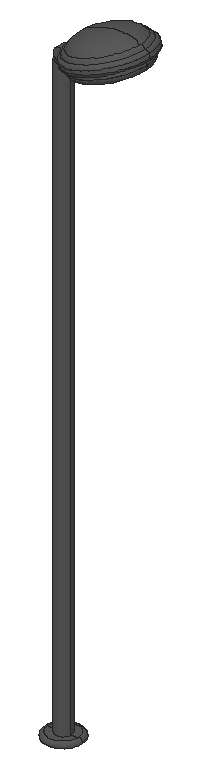
Revit family "svetilnik_alfresco_alkor_dku-01_os", category Lighting Fixtures, Revit 2016
Family settings
  Part Type = Normal
  Round Connector Dimension = Use Diameter
  Work Plane-Based = No
  Always vertical = Yes
  Cut with Voids When Loaded = No
  Light Source = No
  Shared = No
  Room Calculation Point = No
Parameters (values of type "Алькор-1(ОС) ДКУ 80Вт")
  Цветовая температура = "3000-5500"  # constant formula
  Угол положения светильника = 15.00°
  Тип продукции = "Комплект(Опора освещения+LED светильник)"  # constant formula
  Тип ПРА = "-"  # constant formula
  Тип КСС = "Asym"  # constant formula
  Тип ИС = "LED-светодиоды"  # constant formula
  Температура эксплуатации = "-35 +40"  # constant formula
  Световой поток_2 = 7600 lm
  Разработано = "support@bimlib.ru"  # constant formula
  Watermarked By = ""
  Apparent Load = ADSK_Номинальная мощность / ADSK_Коэффициент мощности  # 82.4742 VA
  Description = ""
  Область использования = "Ландшафт, коттедж.поселки,микрорайоны,АЗС, автостоянки"  # constant formula
  Климатическая зона = "У1"  # constant formula
  Класс пожароопасности = "F (светильники предназначены для установки непосредственно на поверхность из нормально воспламеняемых матеоиалов)"  # constant formula
  Класс Защиты = "1"  # constant formula
  Manufacturer = "ALFRESCO"  # constant formula
  Блок аварийного питания = no
  URL = "http://www.allfresco.ru/item/DTU-01-AF-DKU-01-AF"
  IP Class = "IP 65"  # constant formula
  ADSK_Энергоэффективность = 95 lm/W  # constant formula
  ADSK_Ток = ADSK_Номинальная мощность / (ADSK_Коэффициент мощности * ADSK_Напряжение * sqrt(ADSK_Количество фаз числовое))  # 0.265082 A
  ADSK_Размер_Ширина = 530.00 mm
  ADSK_Размер_Длина = 530.00 mm
  ADSK_Размер_Высота = 4000.00 mm
  ADSK_Примечание [instance] = ""
  ADSK_Полная мощность = ADSK_Номинальная мощность / ADSK_Коэффициент мощности  # 82.4742 VA
  ADSK_Позиция [instance] = ""
  ADSK_Номинальная мощность = 80 W
  ADSK_Напряжение = 220 V
  ADSK_Наименование = "Алькор-1(ОС) ДКУ 80Вт - св-к Алькор ДКУ-01-AF (85х120, 02) на опоре ОС 3,9 ЧМ"
  ADSK_Модель = "Алькор(ДТУ-01, ОССв)"  # constant formula
  ADSK_Масса = 43
  ADSK_Коэффициент мощности = 0.97  # constant formula
  ADSK_Количество фаз числовое = 2
  ADSK_Количество фаз = 2
  ADSK_Код изделия = ""
  ADSK_Классификация нагрузок = Освещение
  ADSK_Завод-изготовитель [instance] = "ALFRESCO"
  ADSK_Единица измерения = "шт"  # constant formula
  ADSK_Артикул = "1105001340"
Reference planes
  plane 1 "По центру (Вперед/Назад)": y = 0
  plane 2: z = 0
  plane 3 "По центру (Влево/Вправо)": x = 0
  plane 4: through (0, -1524, 3960) normal (-0.2588, 0, 0.9659)
  plane 5: z = 3960
Forms (mm)
  Extrusion 1, solid, material "Сталь, окрашенная, черная", detail levels medium+fine
    sketch origin (0, 0, 0) x (1, 0, 0) y (0, 1, 0)
      loop
        circle (0, 0) r 51
    from 0 to 3920
  Revolve 2, solid, material "Сталь, окрашенная, черная", detail levels medium+fine
    sketch origin (0, 0, 0) x (1, 0, 0) y (0, 0, 1)
      loop
        line (0, 0) -> (120, 0)
        arc (120, 0) -> (118.028, 20.352) -> (100, 30) r 21.667
        line (100, 30) -> (0, 30) -> (0, 0)
      axis (0, 30) -> (0, 0)
    angle from 0 to 360
Cuts and joins
  joined: Extrusion 1, Revolve 2
Lines and regions (mm)
  symbolic lines, style "LightingFixtures"
    curve 1: circle (-3.944, 0, 0) r 250 normal (0, 0, 1)
    curve 2: line (-123.944, 219.317, 0) -> (-123.944, -219.317, 0)
    curve 3: line (116.056, 219.317, 0) -> (116.056, -219.317, 0)
  model lines, detail levels coarse
    curve 4: circle (289.778, 0, 4037.646) r 300 normal (-0.2588, 0, 0.9659)
    curve 5: line (0, 0, 3960) -> (0, 0, 0)
Dimensions and locks
  diameter of Extrusion 1 sketch curve = 102.00 mm
  "Угол положения светильника": angle plane 5 to plane 4
  aligned and locked: level to plane 2
  aligned and locked: nested 1 to plane 1 "По центру (Вперед/Назад)"
Automatic sketch dimensions
  plane 1 "По центру (Вперед/Назад)" to Extrusion 1 sketch curve = 0.00 mm
  Extrusion 1 sketch curve to plane 3 "По центру (Влево/Вправо)" = 0.00 mm
  Revolve 2 sketch curve to level = 0.00 mm
  Revolve 2 sketch curve to plane 3 "По центру (Влево/Вправо)" = 0.00 mm  (x2)
  level to Revolve 2 sketch curve = 8.333 mm
  plane 3 "По центру (Влево/Вправо)" to Revolve 2 sketch curve = 100.00 mm
  Revolve 2 sketch curve to Revolve 2 sketch curve = 20.00 mm
  Revolve 2 sketch curve to level = 381.00 mm
  plane 5 to Revolve 2 sketch curve = 4670.282 mm
  curve 1 to plane 1 "По центру (Вперед/Назад)" = 0.00 mm
  curve 2 to curve 1 = 120.00 mm
  curve 1 to curve 3 = 219.317 mm
  curve 2 to curve 3 = 0.00 mm
  curve 1 to plane 3 "По центру (Влево/Вправо)" = 3.944 mm
  plane 1 "По центру (Вперед/Назад)" to curve 4 = 0.00 mm
  curve 5 to level = 0.00 mm
  curve 5 to plane 3 "По центру (Влево/Вправо)" = 0.00 mm
  plane 4 to curve 5 = 0.00 mm
  radius of curve 4 = 300.00 mm
Nested families
  nested 1: "Алькор" at (319.796, 0, 3983.571) x (-0.9659, 0, -0.2588) z (-0.2588, 0, 0.9659), type "ДКУ Алькор 40Вт", detail levels medium+fine
    with Материал светильника Сталь, окрашенная, черная
Connectors
  electrical at (0, 0, 0), driven by "ADSK_Количество фаз", driven by "ADSK_Классификация нагрузок", driven by "ADSK_Напряжение", driven by "Apparent Load", driven by "ADSK_Коэффициент мощности"
    settings: on plane 2, index 1, voltage 220 V, apparent load 82.4742 VA, apparent load phase1 0 VA, apparent load phase2 0 VA, apparent load phase3 0 VA, power factor 0.97, load classification "Освещение", number of poles 2, system type 30, power factor state 1, is connector primary yes, connector utility no, sub classification motor no, connector description ""
Definition of nested family "Алькор"
  Parameters (values of type "ДКУ Алькор 60Вт")
    Watermarked By = ""
    Type Comments = "﻿﻿ ﻿ ﻿﻿﻿﻿﻿﻿         ﻿       ﻿   ﻿ ﻿                               ﻿               ​        ​      ﻿​​          ​          ﻿                             ​ ﻿﻿"
    Keynote = "﻿﻿ ﻿ ﻿﻿﻿﻿﻿﻿         ﻿       ﻿   ﻿ ﻿                               ﻿               ​        ​      ﻿​​          ​          ﻿                             ​ ﻿﻿"
    built-in parameter 1150104 = 13.8 (stored number, unit not read)
    built-in parameter 1150134 = 12
    Photometric Web File = "DTU-01-AF_DKU-01-AF-ALJKOR60W.ies"
    Tilt Angle = 120.00°
    built-in parameter 1150137 = (empty or 0)
    built-in parameter 1150132 = 2
    built-in parameter 1150114 = 1 (stored number, unit not read)
    Dimming Lamp Color Temperature Shift = (empty or 0)
    built-in parameter 1150105 = 4081.1 (stored number, unit not read)
    Description = "﻿﻿ ﻿ ﻿﻿﻿﻿﻿﻿         ﻿       ﻿   ﻿ ﻿                               ﻿               ​        ​      ﻿​​          ​          ﻿                             ​ ﻿﻿"
    Color Filter = 16777215
    Lumens = 5700 lm
    built-in parameter 1150109 = 1 (stored number, unit not read)
    built-in parameter 1150112 = 1 (stored number, unit not read)
    built-in parameter 1150110 = 1 (stored number, unit not read)
    built-in parameter 1150113 = 1 (stored number, unit not read)
    built-in parameter 1150115 = 1 (stored number, unit not read)
    built-in parameter 1114218 = 1 (stored number, unit not read)
    built-in parameter 1114217 = 1 (stored number, unit not read)
    Default Elevation = 1219.20 mm
    built-in parameter 1150106 = 40.811 (stored number, unit not read)
    built-in parameter 1150142 = "IESNA:LM-63-1995\r\n[TEST] alf\r\n[MANUFAC] Alfresco\r\n[LUMCAT]  \r\n[LUMINAIRE] ДКУ-01-AF \"Алькор\" 60w\r\n[LAMPCAT]Cree\r\n[LAMP]LED\r\n[MORE]\r\n[OTHER]\r\nTILT=NONE\r\n1 6000 1 91 37 1 2 0.525 0.525 0.000\r\n1.000 1 63.7\r\n0.0    1.0    2.0    3.0    4.0    5.0    6.0    7.0    8.0    9.0    \r\n 10.0   11.0   12.0   13.0   14.0   15.0   16.0   17.0   18.0   19.0   \r\n 20.0   21.0   22.0   23.0   24.0   25.0   26.0   27.0   28.0   29.0   \r\n 30.0   31.0   32.0   33.0   34.0   35.0   36.0   37.0   38.0   39.0   \r\n 40.0   41.0   42.0   43.0   44.0   45.0   46.0   47.0   48.0   49.0   \r\n 50.0   51.0   52.0   53.0   54.0   55.0   56.0   57.0   58.0   59.0   \r\n 60.0   61.0   62.0   63.0   64.0   65.0   66.0   67.0   68.0   69.0   \r\n 70.0   71.0   72.0   73.0   74.0   75.0   76.0   77.0   78.0   79.0   \r\n 80.0   81.0   82.0   83.0   84.0   85.0   86.0   87.0   88.0   89.0   \r\n 90.0   \r\n0.0    10.0   20.0   30.0   40.0   50.0   60.0   70.0   80.0   90.0   \r\n 100.0  110.0  120.0  130.0  140.0  150.0  160.0  170.0  180.0  190.0  \r\n 200.0  210.0  220.0  230.0  240.0  250.0  260.0  270.0  280.0  290.0  \r\n 300.0  310.0  320.0  330.0  340.0  350.0  360.0  \r\n1605.95  1585.78  1577.32  1581.35  1587.59  1597.48  1616.26  1645.61  1686.91  1724.77  \r\n 1761.49  1807.13  1858.28  1910.08  1962.78  2014.68  2062.84  2112.97  2165.84  2221.37  \r\n 2287.01  2361.64  2437.59  2510.12  2576.61  2634.81  2680.78  2713.57  2741.30  2762.66  \r\n 2777.32  2783.43  2783.88  2779.08  2764.98  2734.30  2674.77  2569.22  2409.17  2194.22  \r\n 1946.88  1708.08  1518.20  1329.10  1188.84  1068.39  955.62   845.97   756.23   662.57   \r\n 570.83   487.97   409.87   336.38   270.35   220.01   186.34   162.23   141.88   121.62   \r\n 107.06   96.83    90.79    86.24    81.17    73.89    69.53    65.61    60.35    55.66    \r\n 50.44    44.33    39.32    37.45    37.07    34.89    30.06    24.53    19.91    15.52    \r\n 12.12    8.95     5.95     4.07     3.07     2.51     1.99     1.41     1.06     1.05     \r\n 1.06     \r\n1605.95  1585.07  1581.69  1590.58  1600.28  1610.76  1629.65  1654.38  1702.25  1713.83  \r\n 1750.84  1801.65  1854.01  1904.73  1956.90  2004.67  2054.83  2104.17  2157.54  2216.60  \r\n 2285.82  2359.46  2434.82  2509.12  2583.96  2646.04  2696.85  2735.72  2767.71  2794.23  \r\n 2811.14  2820.15  2822.05  2819.02  2803.54  2771.04  2713.11  2612.59  2458.94  2253.47  \r\n 2009.56  1751.20  1526.18  1345.84  1195.51  1067.90  948.93   836.34   738.23   647.00   \r\n 555.83   474.00   398.29   328.81   263.37   216.48   181.56   157.57   138.55   120.89   \r\n 108.89   101.38   93.55    87.89    82.04    76.16    70.98    66.81    60.85    54.62    \r\n 49.09    44.47    38.70    36.20    34.16    31.40    26.94    22.07    18.31    14.42    \r\n 11.30    8.62     5.88     3.94     3.08     2.50     1.95     1.37     1.09     1.07     \r\n 1.07     \r\n1605.95  1595.19  1583.29  1595.89  1610.64  1627.96  1655.92  1695.40  1755.09  1744.06  \r\n 1778.27  1819.19  1865.84  1913.67  1956.25  2005.69  2055.37  2108.56  2148.80  2206.07  \r\n 2277.84  2354.21  2436.28  2528.58  2611.43  2693.70  2760.99  2814.54  2854.33  2887.46  \r\n 2910.69  2927.14  2937.73  2934.09  2922.42  2898.16  2862.18  2801.91  2705.08  2556.76  \r\n 2345.38  2091.31  1808.47  1575.59  1343.41  1175.83  1039.42  919.47   808.92   706.74   \r\n 610.99   520.83   441.28   373.36   309.22   251.00   210.18   178.88   157.90   137.47   \r\n 117.19   107.68   99.76    92.45    86.60    80.87    73.70    67.33    61.46    55.00    \r\n 50.13    48.23    42.91    37.72    35.87    34.92    30.74    23.79    18.51    14.26    \r\n 11.27    9.80     7.55     4.39     3.22     2.62     2.06     1.45     1.15     1.16     \r\n 1.18     \r\n1605.95  1596.59  1587.43  1603.94  1625.91  1656.59  1691.77  1731.29  1783.56  1802.31  \r\n 1840.01  1864.71  1896.91  1919.77  1961.26  2002.47  2050.26  2110.60  2157.00  2206.65  \r\n 2255.75  2320.96  2401.48  2507.06  2589.76  2678.52  2760.07  2833.27  2895.27  2949.56  \r\n 2987.04  3011.55  3031.11  3046.09  3044.20  3035.68  3021.24  2992.69  2955.36  2898.53  \r\n 2802.67  2660.05  2459.42  2206.06  1916.91  1639.31  1404.94  1213.40  1063.28  933.58   \r\n 822.10   726.93   650.46   574.06   496.18   414.56   331.25   275.88   233.04   192.30   \r\n 161.86   140.00   128.01   119.40   114.11   109.09   100.13   89.59    79.05    68.93    \r\n 58.82    50.37    45.03    41.30    37.64    33.28    29.43    25.36    20.77    16.53    \r\n 12.54    9.25     6.74     4.72     3.72     3.04     2.39     1.75     1.50     1.49     \r\n 1.56     \r\n1605.95  1601.52  1591.64  1610.11  1640.35  1691.50  1734.13  1758.47  1810.39  1808.13  \r\n 1824.06  1831.44  1846.01  1882.20  1917.15  1974.22  2045.59  2079.12  2126.00  2177.41  \r\n 2233.36  2324.94  2397.75  2473.43  2541.52  2618.91  2714.99  2793.23  2901.07  2962.30  \r\n 3014.38  3063.37  3105.87  3126.08  3147.34  3163.15  3175.44  3180.89  3186.74  3180.92  \r\n 3165.93  3141.30  3073.37  2990.62  2886.77  2747.09  2564.94  2332.72  2074.05  1814.32  \r\n 1592.74  1371.37  1178.74  998.76   826.76   664.71   518.47   397.57   324.19   278.71   \r\n 246.86   220.25   189.75   162.48   142.26   122.14   108.45   100.23   93.60    87.87    \r\n 83.11    78.28    72.86    63.42    54.17    46.30    42.21    37.14    30.74    23.53    \r\n 16.67    11.82    8.52     5.95     4.69     3.96     3.24     2.49     2.26     2.31     \r\n 2.41     \r\n1605.95  1604.08  1596.95  1619.44  1653.16  1701.99  1757.21  1765.05  1783.04  1783.15  \r\n 1772.85  1781.84  1816.56  1846.57  1889.36  1948.28  1993.87  2028.29  2078.61  2147.04  \r\n 2203.33  2271.12  2306.90  2339.81  2383.17  2441.94  2527.43  2616.94  2685.68  2771.20  \r\n 2872.39  2955.57  3025.04  3086.99  3147.66  3202.04  3250.15  3295.89  3328.40  3359.27  \r\n 3385.54  3407.38  3427.54  3444.92  3453.17  3456.79  3463.60  3483.96  3454.19  3399.19  \r\n 3293.47  3139.42  2909.60  2622.90  2280.22  1904.89  1542.08  1211.23  903.49   692.78   \r\n 483.09   399.76   351.92   315.30   286.49   233.11   186.49   142.06   109.84   89.03    \r\n 75.95    65.37    57.75    51.85    46.99    44.31    41.88    39.71    36.64    29.44    \r\n 22.17    16.03    10.54    7.02     5.91     5.17     4.37     3.51     3.30     3.43     \r\n 3.61     \r\n1605.95  1597.61  1604.19  1619.04  1653.44  1692.02  1737.22  1740.91  1750.39  1739.73  \r\n 1734.10  1751.18  1770.37  1798.58  1828.77  1869.21  1896.37  1916.00  1950.65  1975.55  \r\n 2008.68  2043.34  2091.59  2153.44  2229.44  2309.63  2380.05  2448.32  2515.29  2579.06  \r\n 2633.38  2692.67  2760.10  2836.71  2911.11  2999.98  3092.68  3186.28  3274.67  3360.89  \r\n 3412.36  3478.06  3541.84  3602.72  3659.84  3717.22  3765.44  3810.22  3852.03  3888.37  \r\n 3926.36  3960.86  3981.81  3976.60  3929.13  3827.85  3638.75  3320.84  2870.95  2310.33  \r\n 1760.75  1212.60  817.10   577.33   464.47   399.86   343.66   288.23   236.82   191.90   \r\n 152.24   112.66   84.54    67.52    57.40    50.27    43.05    39.69    34.18    27.84    \r\n 19.83    15.54    12.66    10.36    8.02     6.79     5.83     4.75     4.51     4.70     \r\n 4.94     \r\n1605.95  1592.54  1601.67  1619.39  1650.95  1682.95  1708.85  1716.15  1715.82  1701.76  \r\n 1708.41  1705.62  1704.66  1719.85  1733.70  1755.70  1784.14  1806.21  1817.69  1835.29  \r\n 1862.36  1904.74  1952.96  2008.87  2062.84  2113.36  2149.83  2185.53  2221.09  2253.73  \r\n 2296.36  2347.60  2403.88  2465.65  2541.62  2614.46  2685.55  2767.03  2849.08  2928.93  \r\n 3012.84  3109.26  3221.50  3347.10  3427.21  3517.60  3625.06  3737.26  3858.91  3972.49  \r\n 4068.08  4157.77  4245.25  4332.96  4408.01  4451.14  4443.35  4362.42  4197.65  3946.33  \r\n 3591.81  3096.85  2467.64  1736.08  1114.81  683.67   474.28   384.58   323.38   270.59   \r\n 221.27   176.83   137.55   105.53   79.92    64.54    49.23    38.22    31.29    25.07    \r\n 20.59    17.16    14.20    11.44    9.50     8.28     7.19     5.94     5.67     5.89     \r\n 6.19     \r\n1605.95  1585.16  1590.49  1608.42  1633.89  1663.76  1681.71  1693.90  1685.12  1671.80  \r\n 1665.33  1655.11  1647.18  1656.43  1674.40  1689.43  1709.87  1722.45  1731.06  1755.70  \r\n 1793.28  1832.37  1871.76  1901.02  1926.31  1940.77  1949.92  1965.43  1981.42  2003.47  \r\n 2032.66  2065.19  2103.33  2153.55  2202.85  2258.10  2321.96  2384.95  2436.90  2478.24  \r\n 2520.64  2577.77  2642.22  2711.05  2783.21  2857.01  2940.43  3033.64  3126.52  3226.31  \r\n 3337.29  3454.06  3602.72  3766.98  3950.73  4141.83  4305.33  4408.47  4420.65  4318.55  \r\n 4102.91  3750.10  3251.17  2621.49  1940.02  1304.11  818.95   539.78   411.36   340.53   \r\n 285.06   237.74   193.90   157.67   121.47   93.14    72.31    57.22    44.89    35.01    \r\n 27.05    20.67    16.33    13.39    10.96    9.50     8.35     7.01     6.65     6.92     \r\n 7.30     \r\n1605.95  1589.06  1590.47  1607.01  1626.98  1658.33  1669.57  1673.45  1663.41  1648.99  \r\n 1624.69  1611.16  1603.74  1610.64  1629.36  1637.84  1655.77  1683.56  1701.27  1725.48  \r\n 1756.65  1786.91  1803.85  1813.20  1818.77  1815.72  1814.32  1822.86  1842.58  1862.68  \r\n 1878.68  1901.78  1931.08  1968.24  2010.53  2061.82  2135.65  2222.98  2268.01  2298.65  \r\n 2338.34  2381.93  2393.09  2391.74  2423.77  2464.17  2517.72  2579.54  2634.30  2694.44  \r\n 2757.17  2824.42  2908.06  3009.69  3120.13  3248.05  3373.30  3485.49  3563.83  3582.66  \r\n 3532.94  3403.73  3209.84  2939.65  2603.98  2217.05  1808.52  1362.14  962.15   658.53   \r\n 463.75   357.78   284.72   227.59   179.84   142.68   105.57   78.19    57.07    43.23    \r\n 32.79    25.33    19.39    14.99    11.58    10.18    8.90     7.49     6.85     7.10     \r\n 7.49     \r\n1605.95  1583.91  1585.48  1600.46  1612.94  1651.31  1646.36  1646.74  1635.24  1608.84  \r\n 1583.63  1564.00  1555.45  1545.83  1542.42  1555.12  1578.10  1604.28  1635.06  1668.95  \r\n 1687.79  1697.97  1692.92  1676.97  1663.10  1652.00  1645.20  1636.18  1640.61  1640.62  \r\n 1644.15  1655.41  1671.01  1692.89  1722.25  1756.31  1788.13  1830.48  1849.96  1856.32  \r\n 1873.52  1903.66  1940.67  1980.46  2029.48  2078.41  2132.30  2183.37  2242.39  2304.86  \r\n 2366.42  2426.60  2495.52  2566.39  2654.46  2749.17  2852.30  2951.02  3030.04  3091.28  \r\n 3124.16  3134.49  3098.35  3011.67  2856.09  2658.30  2426.65  2152.01  1829.71  1376.85  \r\n 934.41   638.79   344.71   237.83   185.49   150.27   123.57   99.88    79.40    60.06    \r\n 40.74    27.80    19.83    14.47    11.58    9.82     8.60     7.30     6.55     6.75     \r\n 7.17     \r\n1605.95  1583.36  1578.92  1595.20  1599.05  1624.37  1616.62  1612.82  1609.15  1582.30  \r\n 1550.35  1528.91  1504.50  1484.03  1469.44  1477.30  1492.36  1520.75  1558.54  1587.24  \r\n 1610.70  1625.33  1612.89  1586.62  1557.69  1524.03  1498.65  1479.39  1466.22  1464.59  \r\n 1464.91  1469.39  1479.82  1492.78  1509.69  1523.29  1534.61  1551.99  1563.98  1575.67  \r\n 1588.77  1631.23  1666.20  1696.16  1681.58  1674.49  1686.66  1714.04  1746.56  1789.78  \r\n 1829.81  1875.00  1930.94  1974.38  2024.23  2074.39  2124.43  2178.40  2236.23  2301.54  \r\n 2376.41  2443.31  2495.22  2495.93  2444.64  2367.04  2236.71  2022.53  1670.07  1317.47  \r\n 919.78   582.25   340.03   224.41   174.05   145.32   116.62   90.84    67.77    49.48    \r\n 34.77    25.39    17.75    12.85    10.18    8.46     7.31     6.19     5.34     5.52     \r\n 5.91     \r\n1605.95  1578.24  1572.07  1587.87  1585.97  1583.84  1575.05  1561.75  1556.75  1546.12  \r\n 1514.51  1483.76  1453.46  1434.89  1417.00  1411.49  1411.16  1425.21  1452.89  1488.97  \r\n 1525.41  1548.42  1556.57  1553.68  1531.12  1487.68  1436.58  1384.58  1339.53  1317.82  \r\n 1301.55  1288.83  1278.69  1268.78  1262.32  1251.83  1244.86  1244.38  1242.26  1243.65  \r\n 1242.96  1252.26  1273.67  1295.90  1325.20  1348.45  1358.85  1352.02  1353.80  1354.07  \r\n 1367.92  1389.66  1409.19  1426.85  1454.33  1477.65  1510.29  1539.17  1561.66  1582.38  \r\n 1605.18  1613.78  1597.54  1575.95  1521.88  1422.46  1284.31  1064.68  787.51   542.18   \r\n 297.03   187.85   149.69   128.93   111.55   92.92    73.69    59.05    46.81    36.05    \r\n 25.95    19.00    13.40    9.85     7.58     6.28     5.33     4.46     3.81     3.91     \r\n 4.28     \r\n1605.95  1578.97  1564.09  1570.98  1581.46  1560.55  1542.89  1525.28  1509.86  1509.56  \r\n 1493.64  1461.37  1424.17  1388.98  1370.82  1352.45  1343.23  1329.43  1328.67  1339.07  \r\n 1351.35  1365.89  1379.18  1394.58  1396.71  1385.86  1365.45  1326.30  1270.92  1216.79  \r\n 1169.42  1136.62  1110.67  1097.24  1087.14  1074.61  1063.70  1046.49  1026.82  1014.28  \r\n 1005.85  1001.39  1001.81  1004.73  1009.89  1017.40  1027.26  1039.46  1054.79  1057.56  \r\n 1045.55  1045.94  1036.70  1018.58  998.64   989.62   987.21   991.62   989.07   975.54   \r\n 953.86   915.82   863.32   784.40   671.19   530.31   383.76   263.42   178.74   144.24   \r\n 109.76   98.88    86.90    75.46    64.13    53.53    44.51    36.60    30.06    24.40    \r\n 19.82    16.06    11.80    8.27     5.75     4.57     3.82     3.12     2.48     2.41     \r\n 2.68     \r\n1605.95  1574.37  1554.94  1549.87  1558.91  1539.11  1517.97  1497.46  1482.04  1471.49  \r\n 1462.24  1429.91  1399.03  1361.63  1335.58  1312.39  1292.80  1274.35  1249.52  1227.66  \r\n 1211.61  1193.48  1175.61  1158.17  1145.10  1136.17  1137.55  1139.44  1123.40  1104.90  \r\n 1095.05  1085.03  1066.38  1038.27  1000.92  965.15   938.36   920.26   899.81   885.39   \r\n 876.36   870.22   877.60   907.03   929.60   987.62   1004.57  935.98   865.84   829.79   \r\n 826.46   833.67   819.23   775.42   718.79   701.45   687.38   673.32   651.52   617.14   \r\n 554.40   474.82   404.08   322.06   250.21   193.94   152.69   127.07   111.81   98.15    \r\n 85.13    73.81    59.49    50.95    42.61    36.84    32.16    28.07    24.49    20.85    \r\n 17.30    13.99    10.49    7.26     4.84     3.62     2.92     2.28     1.65     1.39     \r\n 1.44     \r\n1605.95  1575.54  1557.51  1539.58  1532.07  1522.12  1497.89  1485.13  1464.71  1440.21  \r\n 1422.98  1409.94  1378.56  1346.34  1317.63  1298.81  1275.31  1242.61  1208.12  1179.35  \r\n 1154.48  1131.21  1100.18  1076.39  1055.92  1023.89  1000.33  979.03   966.18   955.06   \r\n 947.21   936.19   913.85   893.12   881.82   858.31   832.59   817.00   805.29   797.16   \r\n 785.03   768.72   754.83   738.43   720.56   704.48   691.52   678.55   666.07   654.07   \r\n 642.23   633.29   623.59   614.46   609.10   589.04   564.38   523.37   462.36   405.62   \r\n 344.09   268.81   206.46   166.27   126.12   108.03   99.81    95.82    85.55    76.81    \r\n 64.00    54.97    47.81    41.52    36.39    31.59    27.52    24.37    21.59    18.99    \r\n 16.22    13.47    9.96     6.71     4.49     3.17     2.54     1.96     1.37     0.98     \r\n 0.95     \r\n1605.95  1572.60  1551.92  1544.36  1515.95  1504.01  1483.32  1465.79  1433.45  1423.42  \r\n 1402.07  1383.70  1365.29  1327.44  1300.80  1274.05  1245.12  1224.05  1197.80  1169.98  \r\n 1124.97  1083.99  1057.38  1029.99  1009.70  1008.25  1002.35  979.52   953.13   924.56   \r\n 906.26   890.04   876.02   867.18   855.77   829.97   814.99   803.92   783.83   756.84   \r\n 737.19   716.37   705.21   680.41   662.52   645.75   631.52   615.74   597.79   578.96   \r\n 562.14   543.50   528.46   511.12   486.49   456.35   416.39   367.17   316.90   262.95   \r\n 211.09   162.99   127.85   105.04   93.62    86.90    79.64    72.50    65.36    58.32    \r\n 52.23    46.95    41.85    37.06    33.12    29.74    26.62    23.46    20.17    16.81    \r\n 13.65    10.62    8.04     5.97     4.14     2.94     2.34     1.84     1.34     0.94     \r\n 0.83     \r\n1605.95  1573.91  1554.70  1532.98  1511.27  1490.92  1472.48  1445.02  1432.70  1417.30  \r\n 1389.95  1391.32  1348.23  1332.19  1306.96  1270.62  1236.58  1193.02  1154.37  1125.08  \r\n 1088.71  1067.01  1044.37  1009.22  991.96   981.86   963.50   938.39   918.51   891.69   \r\n 874.57   855.28   826.88   814.54   804.36   793.29   777.70   757.13   737.71   719.47   \r\n 698.
